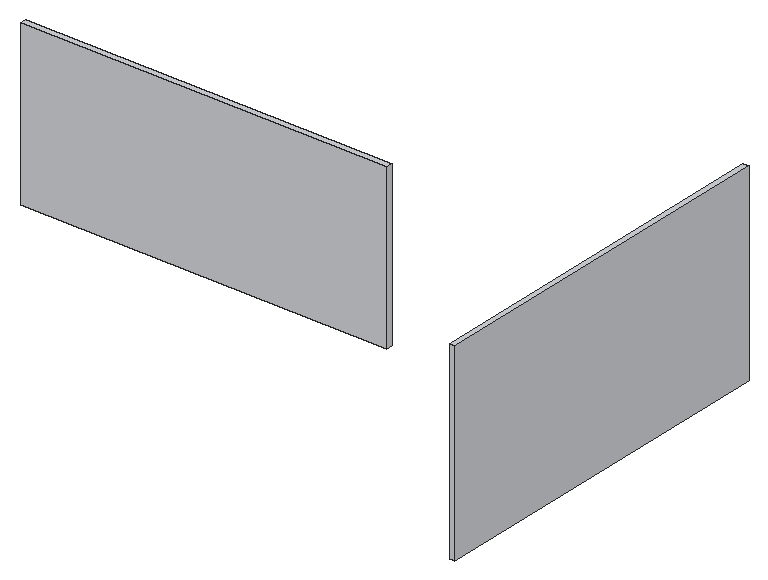
Revit family "EKF400E1 BIM position 3", category Mechanical Equipment, Revit 2013
Parameters (values of type "EKF400E1")
  Width = "700 mm"
  Weight = "63 kg"
  Warranty period = "Unit 2 years                                    Motor 5 years"
  Sub Type = "Lo-Carbon Kitchen Box Fan"
  Width (including handles) = "784 mm"
  Height (inclusing controller) = "826 mm"
  Product Description = "Lo-Carbon Kitchen Box Fan"
  Part Number = "EKF400E1"
  Operating Temperature = "(-20C to +40C)"
  Maximum In-Duct Temperature = "120 Degrees C"
  Motor Rating = "0.53kW Max"
  Manufacturer - Website = "www.vent-axia.com"
  Manufacturer - Name = "Vent-Axia Ltd"
  Manufacturer - Email = "sales@vent-axia.com"
  Manufacturer - Contact Phone = "0844 856 0590"
  Manufacturer - Address = "Fleming Way, Crawley, West Sussex RH10 9YX"
  IP Rating = "IP54"
  Height = "700 mm\r\n220mm"
  Length = "700 mm"
  Family = "In-Line Range"
  Country of Manufacture = "UK"
  Category = "Lo-Carbon Kitchen Box Fan"
  AC Voltage Input = "220-240 V AC (single phase)"
  AC Frequency Input = "50Hz nominal"
Reference planes
  plane 1 "Center (Front/Back)": y = 0
  plane 2: z = 0
  plane 3 "Center (Left/Right)": x = 0
  plane 4: z = -413
  plane 5: y = -392
  plane 6: y = 392
  plane 7: z = 288.063
  plane 8: z = -411.937
  plane 9: y = 292.257
  plane 10: y = -291.465
  plane 11: z = 217.127
  plane 12: z = -40.516
  plane 13: z = -42.026
  plane 14: z = -346.468
Forms (mm)
  Extrusion 1, solid, detail levels coarse+medium
    sketch origin (-1329.08, 248.949, -45.414) x (1, 0, 0) y (0, 1, 0)
      loop
        line (919.08, 171.051) -> (919.08, -669.889) -> (1723.743, -669.889) -> (1723.743, 171.051) -> (919.08, 171.051)
    from -436.75 to 505.414
  Extrusion 2, solid
    sketch origin (0, 0, 0) x (0, 1, 0) y (0, 0, 1)
      loop
        line (290.27, -42.026) -> (-289.73, -42.026) -> (-289.73, -346.468) -> (290.27, -346.468) -> (290.27, -42.026)
    from 342.714 to 350.714
  Extrusion 3, solid
    sketch origin (3.535, -635.98, 288.403) x (-1, 0, 0) y (0, 0, 1)
      loop
        line (292.257, -71.276) -> (-287.179, -71.276) -> (-287.179, -328.919) -> (292.257, -328.919) -> (292.257, -71.276)
    from 286.25 to 296.25
Dimensions and locks
  plane 6 to plane 5 = 784 mm
  plane 8 to plane 7 = 700 mm
  plane 9 to plane 10 = 583.723 mm
  plane 11 to plane 12 = 257.643 mm
  plane 13 to plane 14 = 304.442 mm
Connectors
  hvac at (350.714, 0.27, -188.75)
    settings: on import instance, index 1, duct flow 0.0 L/s, flow factor 0, pres drop 0.0 Pa, loss coef 0, conn angle 0.00°, conn width 584 mm, conn height 304 mm, conn radius 304.8 mm, duct sys type 2, conn prof type 1, flow config 0, flow direction 1, loss method 0, conn ref index -1, conn util no, is conn primary yes, conn desc ""
  hvac at (0.714, -349.73, 92)
    settings: on import instance, index 2, duct flow 0.0 L/s, flow factor 0, pres drop 0.0 Pa, loss coef 0, conn angle 0.00°, conn width 584 mm, conn height 258 mm, conn radius 304.8 mm, duct sys type 2, conn prof type 1, flow config 0, flow direction 2, loss method 0, conn ref index -1, conn util no, is conn primary no, conn desc ""
